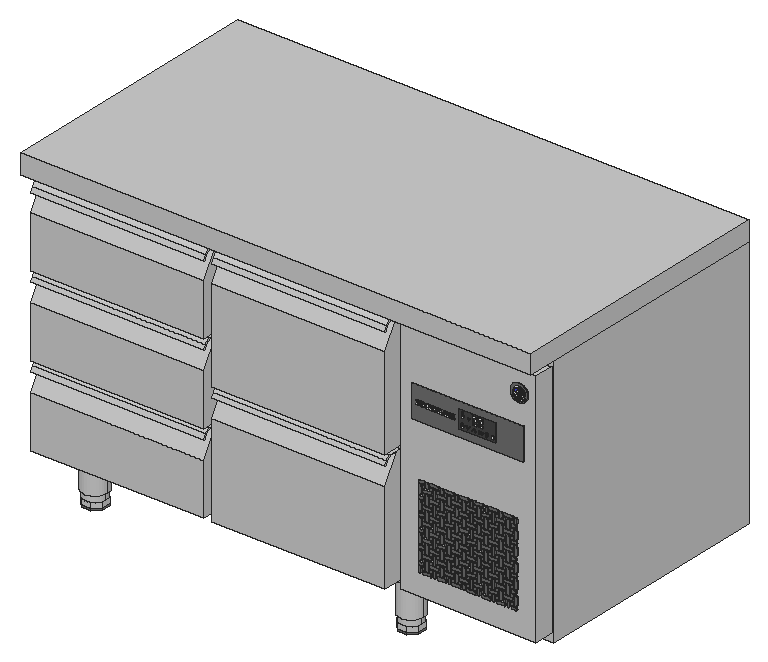
Revit family "QF_HOSHIZAKI_889000838", category Specialty Equipment, Revit 2016
Family settings
  Part Type = Normal
  Round Connector Dimension = Use Diameter
  OmniClass Number = 23.40.40.14
  OmniClass Title = Food Service Equipment
  Work Plane-Based = No
  Always vertical = Yes
  Cut with Voids When Loaded = No
  Shared = No
  Room Calculation Point = No
Parameters (values of type "889000838_230V/1Ph/50Hz")
  Weight = 95.00 kg
  Volts = 230 V
  URL Cutsheet = ""
  URL = "www.hoshizaki-europe.com"
  Status [instance] = ""
  Specification by User [instance] = ""
  Specification by Manufacturer [instance] = ""
  Serial Number = ""
  Seismic Rating = ""
  SMACNA No = ""
  Revision Code [instance] = ""
  Phase = 1
  Number of Poles = 2
  NAFEM Spec ID Number = ""
  Model = "ACR-130DG-32-CRC-L2"
  Min Ckt Ampacity = 0 A
  Max Overcurrent Protection = 0 A
  Masterspec = ""
  Manufacturer = "HOSHIZAKI"
  Length Actual = 1314 mm
  Item Number [instance] = ""
  Installed By [instance] = ""
  Identify Quantity as Lot [instance] = no
  Height Actual = 900 mm
  HP power = ""
  Furnished By [instance] = ""
  Foodservice Equipment Identifier [instance] = yes
  FL Amps = 1.1 A
  Electric power = 160 W
  Electric Connection Type [instance] = ""
  Elec Conn RI Height [instance] = 0 mm
  Elec Conn Connection Height [instance] = 200 mm
  Description = "ADVANCE 2-SECTION 1/1 GN REFRIGERATED COUNTER WITH 1 DRAWER SECTION WITH 3 X 1/3 DRAWERS, 1 DRAWER SECTION WITH 2 X 1/2 DRAWERS AND A FLAT WORKTOP"
  Depth Actual = 700 mm
  Cycle = 50 Hz
  Cost = 0
  Conn Plug = ""
  Conn Conduit = no
  CSI MasterFormat = ""
  Assembly Code = "E1090320"
  Apparent Power = 160 VA
  Accessory = no
Reference planes
  plane 1 "Center (Front/Back)": y = 0
  plane 2: z = 0
  plane 3 "Center (Left/Right)": x = 0
Forms (mm)
  Extrusion 1, solid, not visible
    sketch origin (1199, -17, 349) x (1, 0, 0) y (0, 1, 0)
      loop
        line (0, 0) -> (2, 0) -> (2, 2) -> (0, 2) -> (0, 0)
    from 0 to 2
Dimensions and locks
  aligned and locked: level to plane 2
Nested families
  nested 1: "QF_HOSHIZAKI_889000838_230V_1Ph_50Hz" at (0, 0, 150), type "889000838_230V/1Ph/50Hz"
    with Show Logo yes, Length Actual 1314 mm, Height Actual 650 mm, Depth Actual 700 mm, Compressor offset 958 mm, Compressor location 1
  nested 2: "QF_HOSHIZAKI_ADVANCE_REF-COUNTER-WORKTOPS" at (0, 0, 800), type "760660093"
    with Worktop thickness 50 mm, Length Actual 1314 mm, Depth Actual 700 mm, Backsplash thickness 20 mm, Backsplash height 100 mm
  nested 3: "QF_HOSHIZAKI_ADVANCE_REF-COUNTER-DOORS-DRAWERS" at (22, -700, 150), type "760660484-1"
    with Weight 0.00 kg, URL Cutsheet "", Status "", Specification by User "", Specification by Manufacturer "", Serial Number "", Seismic Rating "", Section size 446 mm, Section 5, SMACNA No "", Right hand hinged glass door no, Right hand hinged door no, Revision Code "", NAFEM Spec ID Number "", Masterspec "", Length Actual 0 mm, Left hand hinged glass door no, Left hand hinged door no, Item Number "", Installed By "", Identify Quantity as Lot no, Height Actual 0 mm, Furnished By "", Foodservice Equipment Identifier no, Depth Actual 0 mm, CSI MasterFormat "", Accessory yes, 3 Drawers yes, 2 Drawers 1-3 and 2-3 no, 2 Drawers no
  nested 4: "QF_HOSHIZAKI_ADVANCE_REF-COUNTER-DOORS-DRAWERS" at (488, -700, 150), type "760660483-1"
    with Weight 0.00 kg, URL Cutsheet "", Status "", Specification by User "", Specification by Manufacturer "", Serial Number "", Seismic Rating "", Section size 446 mm, Section 3, SMACNA No "", Right hand hinged glass door no, Right hand hinged door no, Revision Code "", NAFEM Spec ID Number "", Masterspec "", Length Actual 0 mm, Left hand hinged glass door no, Left hand hinged door no, Item Number "", Installed By "", Identify Quantity as Lot no, Height Actual 0 mm, Furnished By "", Foodservice Equipment Identifier no, Depth Actual 0 mm, CSI MasterFormat "", Accessory yes, 3 Drawers no, 2 Drawers 1-3 and 2-3 no, 2 Drawers yes
  nested 5: "QF_HOSHIZAKI_ADVANCE_REF-COUNTER-LEGS" at (0, 0, 0), type "760660118-5"
    with Weight 0.00 kg, URL Cutsheet "", Status "", Specification by User "", Specification by Manufacturer "", Serial Number "", Seismic Rating "", SMACNA No "", Revision Code "", NAFEM Spec ID Number "", Masterspec "", Length Actual 1314 mm, Legs inset right 430 mm, Legs inset rear 70 mm, Legs inset left 70 mm, Legs inset front 153 mm, Item Number "", Installed By "", Identify Quantity as Lot no, Height Actual 150 mm, Furnished By "", Foodservice Equipment Identifier no, Depth Actual 700 mm, Central Legs no, CSI MasterFormat "", Accessory yes
Connectors
  electrical at (1200, -15, 350), driven by "Apparent Power", driven by "Number of Poles", driven by "Volts"
    settings: on Extrusion 1, index 1, voltage 230 V, apparent load 0 VA, apparent load phase1 160 VA, apparent load phase2 0 VA, apparent load phase3 0 VA, power factor 1, load classification "Other", number of poles 2, system type 31, power factor state 1, is connector primary yes, connector utility no, sub classification motor no, connector description "Electric connection for '889000838'"
Definition of nested family "QF_HOSHIZAKI_889000838_230V_1Ph_50Hz"
  Parameters (values of type "889000838_230V/1Ph/50Hz")
    URL = "www.hoshizaki-europe.com"
    Show Logo [instance] = yes
    Model = "ACR-130DG-32-CRC-L2"
    Manufacturer = "HOSHIZAKI"
    Length Actual [instance] = 1314 mm
    Height Actual [instance] = 650 mm
    Description = "ADVANCE 2-SECTION 1/1 GN REFRIGERATED COUNTER WITH 1 DRAWER SECTION WITH 3 X 1/3 DRAWERS, 1 DRAWER SECTION WITH 2 X 1/2 DRAWERS AND A FLAT WORKTOP"
    Depth Actual [instance] = 700 mm
    Compressor offset [instance] = if(Compressor location = 1, Length Actual - 356 mm, if(Compressor location = 2, 7 mm, Length Actual - 356 mm))  # 958 mm
    Compressor location [instance] = 1
    Author = "SPECIFI"
    Assembly Code = "E1090320"
  Types (60, lengths in mm): name | Model | Length Actual | Description | Compressor offset
    889000840 | "ACR-130DG-LR-RRC-L1" | 1314 | "ADVANCE 2-SECTION 1/1 GN REFRIGERATED COUNTER WITH 2 DOORS AND A FLAT WORKTOP" | 958
    889000848 | "ACR-130DG-22-RRC-L1" | 1314 | "ADVANCE 2-SECTION 1/1 GN REFRIGERATED COUNTER WITH 2 DRAWER SECTIONS EACH WITH 2 X 1/2 DRAWERS AND A FLAT WORKTOP" | 958
    889000856 | "ACR-130DG-32-RRC-L1" | 1314 | "ADVANCE 2-SECTION 1/1 GN REFRIGERATED COUNTER WITH 1 DRAWER SECTION WITH 3 X 1/3 DRAWERS, 1 DRAWER SECTION WITH 2 X 1/2 DRAWERS AND A FLAT WORKTOP" | 958
    889000844 | "ACR-130DG-LR-RRS-L1" | 1314 | "ADVANCE 2-SECTION 1/1 GN REFRIGERATED COUNTER WITH 2 DOORS AND A WORKTOP WITH 100 MM SPLASHBACK" | 958
    889000852 | "ACR-130DG-22-RRS-L1" | 1314 | "ADVANCE 2-SECTION 1/1 GN REFRIGERATED COUNTER WITH 2 DRAWER SECTIONS EACH WITH 2 X 1/2 DRAWERS AND A WORKTOP WITH 100 MM SPLASHBACK" | 958
    889000861 | "ACR-130DG-LR-RRC-C1-U" | 1314 | "ADVANCE 2-SECTION 1/1 GN REFRIGERATED COUNTER WITH 2 DOORS AND A FLAT WORKTOP" | 958
    889000869 | "ACR-130DG-22-RRC-C1-U" | 1314 | "ADVANCE 2-SECTION 1/1 GN REFRIGERATED COUNTER WITH 2 DRAWER SECTIONS EACH WITH 2 X 1/2 DRAWERS AND A FLAT WORKTOP" | 958
    889000877 | "ACR-130DG-32-RRC-C1-U" | 1314 | "ADVANCE 2-SECTION 1/1 GN REFRIGERATED COUNTER WITH 1 DRAWER SECTION WITH 3 X 1/3 DRAWERS, 1 DRAWER SECTION WITH 2 X 1/2 DRAWERS AND A FLAT WORKTOP" | 958
    889000865 | "ACR-130DG-LR-RRS-C1-U" | 1314 | "ADVANCE 2-SECTION 1/1 GN REFRIGERATED COUNTER WITH 2 DOORS AND A WORKTOP WITH 100 MM SPLASHBACK" | 958
    889000873 | "ACR-130DG-22-RRS-C1-U" | 1314 | "ADVANCE 2-SECTION 1/1 GN REFRIGERATED COUNTER WITH 2 DRAWER SECTIONS EACH WITH 2 X 1/2 DRAWERS AND A WORKTOP WITH 100 MM SPLASHBACK" | 958
    889000842 | "ACR-130DG-LR-RRC-L2" | 1314 | "ADVANCE 2-SECTION 1/1 GN REFRIGERATED COUNTER WITH 2 DOORS AND A FLAT WORKTOP" | 958
    889000850 | "ACR-130DG-22-RRC-L2" | 1314 | "ADVANCE 2-SECTION 1/1 GN REFRIGERATED COUNTER WITH 2 DRAWER SECTIONS EACH WITH 2 X 1/2 DRAWERS AND A FLAT WORKTOP" | 958
    889000858 | "ACR-130DG-32-RRC-L2" | 1314 | "ADVANCE 2-SECTION 1/1 GN REFRIGERATED COUNTER WITH 1 DRAWER SECTION WITH 3 X 1/3 DRAWERS, 1 DRAWER SECTION WITH 2 X 1/2 DRAWERS AND A FLAT WORKTOP" | 958
    889000846 | "ACR-130DG-LR-RRS-L2" | 1314 | "ADVANCE 2-SECTION 1/1 GN REFRIGERATED COUNTER WITH 2 DOORS AND A WORKTOP WITH 100 MM SPLASHBACK" | 958
    889000854 | "ACR-130DG-22-RRS-L2" | 1314 | "ADVANCE 2-SECTION 1/1 GN REFRIGERATED COUNTER WITH 2 DRAWER SECTIONS EACH WITH 2 X 1/2 DRAWERS AND A WORKTOP WITH 100 MM SPLASHBACK" | 958
    889000822 | "ACR-130DG-LR-CRC-L2" | 1314 | "ADVANCE 2-SECTION 1/1 GN REFRIGERATED COUNTER WITH 2 DOORS AND A FLAT WORKTOP" | 958
    889000830 | "ACR-130DG-22-CRC-L2" | 1314 | "ADVANCE 2-SECTION 1/1 GN REFRIGERATED COUNTER WITH 2 DRAWER SECTIONS EACH WITH 2 X 1/2 DRAWERS AND A FLAT WORKTOP" | 958
    889000838_230V/1Ph/50Hz | "ACR-130DG-32-CRC-L2" | 1314 | "ADVANCE 2-SECTION 1/1 GN REFRIGERATED COUNTER WITH 1 DRAWER SECTION WITH 3 X 1/3 DRAWERS, 1 DRAWER SECTION WITH 2 X 1/2 DRAWERS AND A FLAT WORKTOP" | 958
    889000826 | "ACR-130DG-LR-CRS-L2" | 1314 | "ADVANCE 2-SECTION 1/1 GN REFRIGERATED COUNTER WITH 2 DOORS AND A WORKTOP WITH 100 MM SPLASHBACK" | 958
    889000834 | "ACR-130DG-22-CRS-L2" | 1314 | "ADVANCE 2-SECTION 1/1 GN REFRIGERATED COUNTER WITH 2 DRAWER SECTIONS EACH WITH 2 X 1/2 DRAWERS AND A WORKTOP WITH 100 MM SPLASHBACK" | 958
    889020840 | "ACR-180DG-LRR-RRC-L1" | 1780 | "ADVANCE 3-SECTION 1/1 GN REFRIGERATED COUNTER WITH 3 DOORS AND A FLAT WORKTOP" | 1424
    889020848 | "ACR-180DG-222-RRC-L1" | 1780 | "ADVANCE 3-SECTION 1/1 GN REFRIGERATED COUNTER WITH 3 DRAWER SECTIONS EACH WITH 2 X 1/2 DRAWERS AND A FLAT WORKTOP" | 1424
    889020856 | "ACR-180DG-332-RRC-L1" | 1780 | "ADVANCE 3-SECTION 1/1 GN REFRIGERATED COUNTER WITH 2 DRAWER SECTIONS EACH WITH 3 X 1/3 DRAWERS, 1 DRAWER SECTION WITH 2 X 1/2 DRAWERS AND A FLAT WORKTOP" | 1424
    889020844 | "ACR-180DG-LRR-RRS-L1" | 1780 | "ADVANCE 3-SECTION 1/1 GN REFRIGERATED COUNTER WITH 3 DOORS AND A WORKTOP WITH 100 MM SPLASHBACK" | 1424
    889020852 | "ACR-180DG-222-RRS-L1" | 1780 | "ADVANCE 3-SECTION 1/1 GN REFRIGERATED COUNTER WITH 3 DRAWER SECTIONS EACH WITH 2 X 1/2 DRAWERS AND A WORKTOP WITH 100 MM SPLASHBACK" | 1424
    889020861 | "ACR-180DG-LRR-RRC-C1-U" | 1780 | "ADVANCE 3-SECTION 1/1 GN REFRIGERATED COUNTER WITH 3 DOORS AND A FLAT WORKTOP" | 1424
    889020869 | "ACR-180DG-222-RRC-C1-U" | 1780 | "ADVANCE 3-SECTION 1/1 GN REFRIGERATED COUNTER WITH 3 DRAWER SECTIONS EACH WITH 2 X 1/2 DRAWERS AND A FLAT WORKTOP" | 1424
    889020877 | "ACR-180DG-332-RRC-C1-U" | 1780 | "ADVANCE 3-SECTION 1/1 GN REFRIGERATED COUNTER WITH 2 DRAWER SECTIONS EACH WITH 3 X 1/3 DRAWERS, 1 DRAWER SECTION WITH 2 X 1/2 DRAWERS AND A FLAT WORKTOP" | 1424
    889020865 | "ACR-180DG-LRR-RRS-C1-U" | 1780 | "ADVANCE 3-SECTION 1/1 GN REFRIGERATED COUNTER WITH 3 DOORS AND A WORKTOP WITH 100 MM SPLASHBACK" | 1424
    889020873 | "ACR-180DG-222-RRS-C1-U" | 1780 | "ADVANCE 3-SECTION 1/1 GN REFRIGERATED COUNTER WITH 3 DRAWER SECTIONS EACH WITH 2 X 1/2 DRAWERS AND A WORKTOP WITH 100 MM SPLASHBACK" | 1424
    889020842 | "ACR-180DG-LRR-RRC-L2" | 1780 | "ADVANCE 3-SECTION 1/1 GN REFRIGERATED COUNTER WITH 3 DOORS AND A FLAT WORKTOP" | 1424
    889020850 | "ACR-180DG-222-RRC-L2" | 1780 | "ADVANCE 3-SECTION 1/1 GN REFRIGERATED COUNTER WITH 3 DRAWER SECTIONS EACH WITH 2 X 1/2 DRAWERS AND A FLAT WORKTOP" | 1424
    889020858 | "ACR-180DG-332-RRC-L2" | 1780 | "ADVANCE 3-SECTION 1/1 GN REFRIGERATED COUNTER WITH 2 DRAWER SECTIONS EACH WITH 3 X 1/3 DRAWERS, 1 DRAWER SECTION WITH 2 X 1/2 DRAWERS AND A FLAT WORKTOP" | 1424
    889020846 | "ACR-180DG-LRR-RRS-L2" | 1780 | "ADVANCE 3-SECTION 1/1 GN REFRIGERATED COUNTER WITH 3 DOORS AND A WORKTOP WITH 100 MM SPLASHBACK" | 1424
    889020854 | "ACR-180DG-222-RRS-L2" | 1780 | "ADVANCE 3-SECTION 1/1 GN REFRIGERATED COUNTER WITH 3 DRAWER SECTIONS EACH WITH 2 X 1/2 DRAWERS AND A WORKTOP WITH 100 MM SPLASHBACK" | 1424
    889020823 | "ACR-180DG-LRR-CRC-L2" | 1780 | "ADVANCE 3-SECTION 1/1 GN REFRIGERATED COUNTER WITH 3 DOORS AND A FLAT WORKTOP" | 1424
    889020830 | "ACR-180DG-222-CRC-L2" | 1780 | "ADVANCE 3-SECTION 1/1 GN REFRIGERATED COUNTER WITH 3 DRAWER SECTIONS EACH WITH 2 X 1/2 DRAWERS AND A FLAT WORKTOP" | 1424
    889020838 | "ACR-180DG-332-CRC-L2" | 1780 | "ADVANCE 3-SECTION 1/1 GN REFRIGERATED COUNTER WITH 2 DRAWER SECTIONS EACH WITH 3 X 1/3 DRAWERS, 1 DRAWER SECTION WITH 2 X 1/2 DRAWERS AND A FLAT WORKTOP" | 1424
    889020827 | "ACR-180DG-LRR-CRS-L2" | 1780 | "ADVANCE 3-SECTION 1/1 GN REFRIGERATED COUNTER WITH 3 DOORS AND A WORKTOP WITH 100 MM SPLASHBACK" | 1424
    889020834 | "ACR-180DG-222-CRS-L2" | 1780 | "ADVANCE 3-SECTION 1/1 GN REFRIGERATED COUNTER WITH 3 DRAWER SECTIONS EACH WITH 2 X 1/2 DRAWERS AND A WORKTOP WITH 100 MM SPLASHBACK" | 1424
    889040840 | "ACR-225DG-LLRR-RRC-L1" | 2246 | "ADVANCE 4-SECTION 1/1 GN REFRIGERATED COUNTER WITH 4 DOORS AND A FLAT WORKTOP" | 1890
    889040848 | "ACR-225DG-2222-RRC-L1" | 2246 | "ADVANCE 4-SECTION 1/1 GN REFRIGERATED COUNTER WITH 4 DRAWER SECTIONS EACH WITH 2 X 1/2 DRAWERS AND A FLAT WORKTOP" | 1890
    889040856 | "ACR-225DG-3332-RRC-L1" | 2246 | "ADVANCE 4-SECTION 1/1 GN REFRIGERATED COUNTER WITH 3 DRAWER SECTIONS EACH WITH 3 X 1/3 DRAWERS, 1 DRAWER SECTION WITH 2 X 1/2 DRAWERS AND A FLAT WORKTOP" | 1890
    889040844 | "ACR-225DG-LLRR-RRS-L1" | 2246 | "ADVANCE 4-SECTION 1/1 GN REFRIGERATED COUNTER WITH 4 DOORS AND A WORKTOP WITH 100 MM SPLASHBACK" | 1890
    889040852 | "ACR-225DG-2222-RRS-L1" | 2246 | "ADVANCE 4-SECTION 1/1 GN REFRIGERATED COUNTER WITH 4 DRAWER SECTIONS EACH WITH 2 X 1/2 DRAWERS AND A WORKTOP WITH 100 MM SPLASHBACK" | 1890
    889040861 | "ACR-225DG-LLRR-RRC-C1-U" | 2246 | "ADVANCE 4-SECTION 1/1 GN REFRIGERATED COUNTER WITH 4 DOORS AND A FLAT WORKTOP" | 1890
    889040869 | "ACR-225DG-2222-RRC-C1-U" | 2246 | "ADVANCE 4-SECTION 1/1 GN REFRIGERATED COUNTER WITH 4 DRAWER SECTIONS EACH WITH 2 X 1/2 DRAWERS AND A FLAT WORKTOP" | 1890
    889040877 | "ACR-225DG-3332-RRC-C1-U" | 2246 | "ADVANCE 4-SECTION 1/1 GN REFRIGERATED COUNTER WITH 3 DRAWER SECTIONS EACH WITH 3 X 1/3 DRAWERS, 1 DRAWER SECTION WITH 2 X 1/2 DRAWERS AND A FLAT WORKTOP" | 1890
    889040865 | "ACR-225DG-LLRR-RRS-C1-U" | 2246 | "ADVANCE 4-SECTION 1/1 GN REFRIGERATED COUNTER WITH 4 DOORS AND A WORKTOP WITH 100 MM SPLASHBACK" | 1890
    889040873 | "ACR-225DG-2222-RRS-C1-U" | 2246 | "ADVANCE 4-SECTION 1/1 GN REFRIGERATED COUNTER WITH 4 DRAWER SECTIONS EACH WITH 2 X 1/2 DRAWERS AND A WORKTOP WITH 100 MM SPLASHBACK" | 1890
    889040842 | "ACR-225DG-LLRR-RRC-L2" | 2246 | "ADVANCE 4-SECTION 1/1 GN REFRIGERATED COUNTER WITH 4 DOORS AND A FLAT WORKTOP" | 1890
    889040850 | "ACR-225DG-2222-RRC-L2" | 2246 | "ADVANCE 4-SECTION 1/1 GN REFRIGERATED COUNTER WITH 4 DRAWER SECTIONS EACH WITH 2 X 1/2 DRAWERS AND A FLAT WORKTOP" | 1890
    889040858 | "ACR-225DG-3332-RRC-L2" | 2246 | "ADVANCE 4-SECTION 1/1 GN REFRIGERATED COUNTER WITH 3 DRAWER SECTIONS EACH WITH 3 X 1/3 DRAWERS, 1 DRAWER SECTION WITH 2 X 1/2 DRAWERS AND A FLAT WORKTOP" | 1890
    889040846 | "ACR-225DG-LLRR-RRS-L2" | 2246 | "ADVANCE 4-SECTION 1/1 GN REFRIGERATED COUNTER WITH 4 DOORS AND A WORKTOP WITH 100 MM SPLASHBACK" | 1890
    889040854 | "ACR-225DG-2222-RRS-L2" | 2246 | "ADVANCE 4-SECTION 1/1 GN REFRIGERATED COUNTER WITH 4 DRAWER SECTIONS EACH WITH 2 X 1/2 DRAWERS AND A WORKTOP WITH 100 MM SPLASHBACK" | 1890
    889040822 | "ACR-225DG-LLRR-CRC-L2" | 2246 | "ADVANCE 4-SECTION 1/1 GN REFRIGERATED COUNTER WITH 4 DOORS AND A FLAT WORKTOP" | 1890
    889040830 | "ACR-225DG-2222-CRC-L2" | 2246 | "ADVANCE 4-SECTION 1/1 GN REFRIGERATED COUNTER WITH 4 DRAWER SECTIONS EACH WITH 2 X 1/2 DRAWERS AND A FLAT WORKTOP" | 1890
    889040838 | "ACR-225DG-3332-CRC-L2" | 2246 | "ADVANCE 4-SECTION 1/1 GN REFRIGERATED COUNTER WITH 3 DRAWER SECTIONS EACH WITH 3 X 1/3 DRAWERS, 1 DRAWER SECTION WITH 2 X 1/2 DRAWERS AND A FLAT WORKTOP" | 1890
    889040826 | "ACR-225DG-LLRR-CRS-L2" | 2246 | "ADVANCE 4-SECTION 1/1 GN REFRIGERATED COUNTER WITH 4 DOORS AND A WORKTOP WITH 100 MM SPLASHBACK" | 1890
    889040834 | "ACR-225DG-2222-CRS-L2" | 2246 | "ADVANCE 4-SECTION 1/1 GN REFRIGERATED COUNTER WITH 4 DRAWER SECTIONS EACH WITH 2 X 1/2 DRAWERS AND A WORKTOP WITH 100 MM SPLASHBACK" | 1890
  Reference planes
    plane 1 "Back": y = 0
    plane 2: z = 0
    plane 3 "Left": x = 0
    plane 4 "Right": x = 1314
    plane 5 "Front": y = -700
    plane 6 "Top": z = 650
    plane 7 "Front legs": y = -624.512
    plane 8 "Compressor dimension": x = 1314
    plane 9 "Compressor offset": x = 958
  Forms (mm)
    Extrusion 1, solid
      sketch origin (0, 0, 0) x (0, 1, 0) y (0, 0, 1)
        loop
          line (0, 650) -> (-624.512, 650) -> (-624.512, 0) -> (0, 0) -> (0, 650)
      from 0 to 1314
    Extrusion 2, solid
      sketch origin (958, 0, 0) x (0, -1, 0) y (0, 0, 1)
        loop
          line (624.512, 634) -> (624.512, 20) -> (674.54, 20) -> (674.54, 634) -> (624.512, 634)
      from 0 to -349
  Lines and regions (mm)
    symbolic lines
      curve 1: line (0, 0, 650) -> (1314, 0, 650)
      curve 2: line (0, -700, 650) -> (0, 0, 650)
      curve 3: line (1314, -700, 650) -> (0, -700, 650)
      curve 4: line (1314, 0, 650) -> (1314, -700, 650)
  Dimensions and locks
    "Length Actual": plane 3 "Left" to plane 4 "Right"
    "Depth Actual": plane 5 "Front" to plane 1 "Back"
    plane 7 "Front legs" to plane 5 "Front" = 75.488 mm
    "Compressor offset": plane 3 "Left" to plane 9 "Compressor offset"
    locked: plane 9 "Compressor offset" to plane 8 "Compressor dimension" at 356
    plane 6 "Top" to level = 650 mm
    aligned and locked: level to plane 2
    aligned and locked: plane 1 "Back" to Extrusion 1 sketch curve
    aligned and locked: plane 7 "Front legs" to Extrusion 1 sketch curve
    aligned and locked: Extrusion 1 to plane 4 "Right"
    aligned and locked: plane 7 "Front legs" to Extrusion 2 sketch curve
    aligned and locked: nested 1 to plane 5 "Front"
    aligned and locked: nested 1 to plane 9 "Compressor offset"
    aligned and locked: Extrusion 1 sketch curve to plane 6 "Top"
    aligned and locked: plane 2 to Extrusion 1 sketch curve
    aligned and locked: plane 1 "Back" to curve 1
    aligned and locked: plane 5 "Front" to curve 3
    aligned and locked: plane 4 "Right" to curve 4
    aligned and locked: plane 3 "Left" to curve 2
  Automatic sketch dimensions
    plane 5 "Front" to Extrusion 2 sketch curve = 25.46 mm
    level to Extrusion 2 sketch curve = 20 mm
    Extrusion 2 sketch curve to plane 6 "Top" = 16 mm
  Nested families
    nested 1: "Control-panel" at (958, -700, 0), Show Logo <- "Show Logo", type "Control-panel"
      with Show Logo yes
  Definition of nested family "Control-panel"
    Parameters (values of type "Control-panel")
      Show Logo [instance] = yes
    Reference planes
      plane 1 "Center (Front/Back)": y = 0
      plane 2: z = 0
      plane 3 "Center (Left/Right)": x = 0
      plane 4: z = 650
    Forms (mm)
      Extrusion 1, solid
        sketch origin (-3653, 19.5, -135) x (-1, 0, 0) y (0, 0, 1)
          loop
            arc (-3941, 426) -> (-3944.5, 422.5) -> (-3941, 419) r 3.5
            line (-3941, 419) -> (-3923, 419)
            arc (-3923, 419) -> (-3919.5, 422.5) -> (-3923, 426) r 3.5
            line (-3923, 426) -> (-3941, 426)
          loop
            arc (-3903, 426) -> (-3906.5, 422.5) -> (-3903, 419) r 3.5
            line (-3903, 419) -> (-3885, 419)
            arc (-3885, 419) -> (-3881.5, 422.5) -> (-3885, 426) r 3.5
            line (-3885, 426) -> (-3903, 426)
          loop
            arc (-3865, 426) -> (-3868.5, 422.5) -> (-3865, 419) r 3.5
            line (-3865, 419) -> (-3847, 419)
            arc (-3847, 419) -> (-3843.5, 422.5) -> (-3847, 426) r 3.5
            line (-3847, 426) -> (-3865, 426)
          loop
            arc (-3827, 426) -> (-3830.5, 422.5) -> (-3827, 419) r 3.5
            line (-3827, 419) -> (-3809, 419)
            arc (-3809, 419) -> (-3805.5, 422.5) -> (-3809, 426) r 3.5
            line (-3809, 426) -> (-3827, 426)
          loop
            arc (-3789, 426) -> (-3792.5, 422.5) -> (-3789, 419) r 3.5
            line (-3789, 419) -> (-3771, 419)
            arc (-3771, 419) -> (-3767.5, 422.5) -> (-3771, 426) r 3.5
            line (-3771, 426) -> (-3789, 426)
          loop
            arc (-3751, 426) -> (-3754.5, 422.5) -> (-3751, 419) r 3.5
            line (-3751, 419) -> (-3733, 419)
            arc (-3733, 419) -> (-3729.5, 422.5) -> (-3733, 426) r 3.5
            line (-3733, 426) -> (-3751, 426)
          loop
            arc (-3713, 426) -> (-3716.5, 422.5) -> (-3713, 419) r 3.5
            line (-3713, 419) -> (-3704, 419)
            arc (-3704, 419) -> (-3700.5, 422.5) -> (-3704, 426) r 3.5
            line (-3704, 426) -> (-3713, 426)
          loop
            arc (-3948, 422) -> (-3951, 425) -> (-3954, 422) r 3
            line (-3954, 422) -> (-3954, 413)
            arc (-3954, 413) -> (-3951, 410) -> (-3948, 413) r 3
            line (-3948, 413) -> (-3948, 422)
          loop
            line (-3938.025, 416.51) -> (-3945.025, 416.51) -> (-3945.025, 409.51) -> (-3938.025, 409.51) -> (-3938.025, 416.51)
          loop
            line (-3919.025, 416.51) -> (-3926.025, 416.51) -> (-3926.025, 409.51) -> (-3919.025, 409.51) -> (-3919.025, 416.51)
          loop
            arc (-3910, 422) -> (-3913, 425) -> (-3916, 422) r 3
            line (-3916, 422) -> (-3916, 413)
            arc (-3916, 413) -> (-3913, 410) -> (-3910, 413) r 3
            line (-3910, 413) -> (-3910, 422)
          loop
            line (-3900.025, 416.51) -> (-3907.025, 416.51) -> (-3907.025, 409.51) -> (-3900.025, 409.51) -> (-3900.025, 416.51)
          loop
            line (-3881.025, 416.51) -> (-3888.025, 416.51) -> (-3888.025, 409.51) -> (-3881.025, 409.51) -> (-3881.025, 416.51)
          loop
            arc (-3872, 422) -> (-3875, 425) -> (-3878, 422) r 3
            line (-3878, 422) -> (-3878, 413)
            arc (-3878, 413) -> (-3875, 410) -> (-3872, 413) r 3
            line (-3872, 413) -> (-3872, 422)
          loop
            line (-3862.025, 416.51) -> (-3869.025, 416.51) -> (-3869.025, 409.51) -> (-3862.025, 409.51) -> (-3862.025, 416.51)
          loop
            line (-3843.025, 416.51) -> (-3850.025, 416.51) -> (-3850.025, 409.51) -> (-3843.025, 409.51) -> (-3843.025, 416.51)
          loop
            arc (-3834, 422) -> (-3837, 425) -> (-3840, 422) r 3
            line (-3840, 422) -> (-3840, 413)
            arc (-3840, 413) -> (-3837, 410) -> (-3834, 413) r 3
            line (-3834, 413) -> (-3834, 422)
          loop
            line (-3824.025, 416.51) -> (-3831.025, 416.51) -> (-3831.025, 409.51) -> (-3824.025, 409.51) -> (-3824.025, 416.51)
          loop
            line (-3805.025, 416.51) -> (-3812.025, 416.51) -> (-3812.025, 409.51) -> (-3805.025, 409.51) -> (-3805.025, 416.51)
          loop
            arc (-3796, 422) -> (-3799, 425) -> (-3802, 422) r 3
            line (-3802, 422) -> (-3802, 413)
            arc (-3802, 413) -> (-3799, 410) -> (-3796, 413) r 3
            line (-3796, 413) -> (-3796, 422)
          loop
            line (-3786.025, 416.51) -> (-3793.025, 416.51) -> (-3793.025, 409.51) -> (-3786.025, 409.51) -> (-3786.025, 416.51)
          loop
            line (-3767.025, 416.51) -> (-3774.025, 416.51) -> (-3774.025, 409.51) -> (-3767.025, 409.51) -> (-3767.025, 416.51)
          loop
            arc (-3758, 422) -> (-3761, 425) -> (-3764, 422) r 3
            line (-3764, 422) -> (-3764, 413)
            arc (-3764, 413) -> (-3761, 410) -> (-3758, 413) r 3
            line (-3758, 413) -> (-3758, 422)
          loop
            line (-3748.025, 416.51) -> (-3755.025, 416.51) -> (-3755.025, 409.51) -> (-3748.025, 409.51) -> (-3748.025, 416.51)
          loop
            line (-3729.025, 416.51) -> (-3736.025, 416.51) -> (-3736.025, 409.51) -> (-3729.025, 409.51) -> (-3729.025, 416.51)
          loop
            arc (-3720, 422) -> (-3723, 425) -> (-3726, 422) r 3
            line (-3726, 422) -> (-3726, 413)
            arc (-3726, 413) -> (-3723, 410) -> (-3720, 413) r 3
            line (-3720, 413) -> (-3720, 422)
          loop
            line (-3710.025, 416.51) -> (-3717.025, 416.51) -> (-3717.025, 409.51) -> (-3710.025, 409.51) -> (-3710.025, 416.51)
          loop
            line (-3935.5, 412.5) -> (-3935.5, 394.5)
            arc (-3935.5, 394.5) -> (-3932, 391) -> (-3928.5, 394.5) r 3.5
            line (-3928.5, 394.5) -> (-3928.5, 412.5)
            arc (-3928.5, 412.5) -> (-3932, 416) -> (-3935.5, 412.5) r 3.5
          loop
            line (-3897.5, 412.5) -> (-3897.5, 394.5)
            arc (-3897.5, 394.5) -> (-3894, 391) -> (-3890.5, 394.5) r 3.5
            line (-3890.5, 394.5) -> (-3890.5, 412.5)
            arc (-3890.5, 412.5) -> (-3894, 416) -> (-3897.5, 412.5) r 3.5
          loop
            line (-3859.5, 412.5) -> (-3859.5, 394.5)
            arc (-3859.5, 394.5) -> (-3856, 391) -> (-3852.5, 394.5) r 3.5
            line (-3852.5, 394.5) -> (-3852.5, 412.5)
            arc (-3852.5, 412.5) -> (-3856, 416) -> (-3859.5, 412.5) r 3.5
          loop
            line (-3821.5, 412.5) -> (-3821.5, 394.5)
            arc (-3821.5, 394.5) -> (-3818, 391) -> (-3814.5, 394.5) r 3.5
            line (-3814.5, 394.5) -> (-3814.5, 412.5)
            arc (-3814.5, 412.5) -> (-3818, 416) -> (-3821.5, 412.5) r 3.5
          loop
            line (-3783.5, 412.5) -> (-3783.5, 394.5)
            arc (-3783.5, 394.5) -> (-3780, 391) -> (-3776.5, 394.5) r 3.5
            line (-3776.5, 394.5) -> (-3776.5, 412.5)
            arc (-3776.5, 412.5) -> (-3780, 416) -> (-3783.5, 412.5) r 3.5
          loop
            line (-3745.5, 412.5) -> (-3745.5, 394.5)
            arc (-3745.5, 394.5) -> (-3742, 391) -> (-3738.5, 394.5) r 3.5
            line (-3738.5, 394.5) -> (-3738.5, 412.5)
            arc (-3738.5, 412.5) -> (-3742, 416) -> (-3745.5, 412.5) r 3.5
          loop
            line (-3707.5, 412.5) -> (-3707.5, 394.5)
            arc (-3707.5, 394.5) -> (-3704, 391) -> (-3700.5, 394.5) r 3.5
            line (-3700.5, 394.5) -> (-3700.5, 412.5)
            arc (-3700.5, 412.5) -> (-3704, 416) -> (-3707.5, 412.5) r 3.5
          loop
            arc (-3922, 407) -> (-3925.5, 403.5) -> (-3922, 400) r 3.5
            line (-3922, 400) -> (-3904, 400)
            arc (-3904, 400) -> (-3900.5, 403.5) -> (-3904, 407) r 3.5
            line (-3904, 407) -> (-3922, 407)
          loop
            arc (-3884, 407) -> (-3887.5, 403.5) -> (-3884, 400) r 3.5
            line (-3884, 400) -> (-3866, 400)
            arc (-3866, 400) -> (-3862.5, 403.5) -> (-3866, 407) r 3.5
            line (-3866, 407) -> (-3884, 407)
          loop
            arc (-3846, 407) -> (-3849.5, 403.5) -> (-3846, 400) r 3.5
            line (-3846, 400) -> (-3828, 400)
            arc (-3828, 400) -> (-3824.5, 403.5) -> (-3828, 407) r 3.5
            line (-3828, 407) -> (-3846, 407)
          loop
            arc (-3808, 407) -> (-3811.5, 403.5) -> (-3808, 400) r 3.5
            line (-3808, 400) -> (-3790, 400)
            arc (-3790, 400) -> (-3786.5, 403.5) -> (-3790, 407) r 3.5
            line (-3790, 407) -> (-3808, 407)
          loop
            arc (-3770, 407) -> (-3773.5, 403.5) -> (-3770, 400) r 3.5
            line (-3770, 400) -> (-3752, 400)
            arc (-3752, 400) -> (-3748.5, 403.5) -> (-3752, 407) r 3.5
            line (-3752, 407) -> (-3770, 407)
          loop
            arc (-3732, 407) -> (-3735.5, 403.5) -> (-3732, 400) r 3.5
            line (-3732, 400) -> (-3714, 400)
            arc (-3714, 400) -> (-3710.5, 403.5) -> (-3714, 407) r 3.5
            line (-3714, 407) -> (-3732, 407)
          loop
            line (-3938.025, 390.49) -> (-3938.025, 397.49) -> (-3945.025, 397.49) -> (-3945.025, 390.49) -> (-3938.025, 390.49)
          loop
            line (-3919.025, 390.49) -> (-3919.025, 397.49) -> (-3926.025, 397.49) -> (-3926.025, 390.49) -> (-3919.025, 390.49)
          loop
            line (-3900.025, 390.49) -> (-3900.025, 397.49) -> (-3907.025, 397.49) -> (-3907.025, 390.49) -> (-3900.025, 390.49)
          loop
            line (-3881.025, 390.49) -> (-3881.025, 397.49) -> (-3888.025, 397.49) -> (-3888.025, 390.49) -> (-3881.025, 390.49)
          loop
            line (-3862.025, 390.49) -> (-3862.025, 397.49) -> (-3869.025, 397.49) -> (-3869.025, 390.49) -> (-3862.025, 390.49)
          loop
            line (-3843.025, 390.49) -> (-3843.025, 397.49) -> (-3850.025, 397.49) -> (-3850.025, 390.49) -> (-3843.025, 390.49)
          loop
            line (-3824.025, 390.49) -> (-3824.025, 397.49) -> (-3831.025, 397.49) -> (-3831.025, 390.49) -> (-3824.025, 390.49)
          loop
            line (-3805.025, 390.49) -> (-3805.025, 397.49) -> (-3812.025, 397.49) -> (-3812.025, 390.49) -> (-3805.025, 390.49)
          loop
            line (-3786.025, 390.49) -> (-3786.025, 397.49) -> (-3793.025, 397.49) -> (-3793.025, 390.49) -> (-3786.025, 390.49)
          loop
            line (-3767.025, 390.49) -> (-3767.025, 397.49) -> (-3774.025, 397.49) -> (-3774.025, 390.49) -> (-3767.025, 390.49)
          loop
            line (-3748.025, 390.49) -> (-3748.025, 397.49) -> (-3755.025, 397.49) -> (-3755.025, 390.49) -> (-3748.025, 390.49)
          loop
            line (-3729.025, 390.49) -> (-3729.025, 397.49) -> (-3736.025, 397.49) -> (-3736.025, 390.49) -> (-3729.025, 390.49)
          loop
            line (-3710.025, 390.49) -> (-3710.025, 397.49) -> (-3717.025, 397.49) -> (-3717.025, 390.49) -> (-3710.025, 390.49)
          loop
            arc (-3719.5, 393.5) -> (-3723, 397) -> (-3726.5, 393.5) r 3.5
            line (-3726.5, 393.5) -> (-3726.5, 375.5)
            arc (-3726.5, 375.5) -> (-3723, 372) -> (-3719.5, 375.5) r 3.5
            line (-3719.5, 375.5) -> (-3719.5, 393.5)
          loop
            arc (-3757.5, 393.5) -> (-3761, 397) -> (-3764.5, 393.5) r 3.5
            line (-3764.5, 393.5) -> (-3764.5, 375.5)
            arc (-3764.5, 375.5) -> (-3761, 372) -> (-3757.5, 375.5) r 3.5
            line (-3757.5, 375.5) -> (-3757.5, 393.5)
          loop
            arc (-3795.5, 393.5) -> (-3799, 397) -> (-3802.5, 393.5) r 3.5
            line (-3802.5, 393.5) -> (-3802.5, 375.5)
            arc (-3802.5, 375.5) -> (-3799, 372) -> (-3795.5, 375.5) r 3.5
            line (-3795.5, 375.5) -> (-3795.5, 393.5)
          loop
            arc (-3833.5, 393.5) -> (-3837, 397) -> (-3840.5, 393.5) r 3.5
            line (-3840.5, 393.5) -> (-3840.5, 375.5)
            arc (-3840.5, 375.5) -> (-3837, 372) -> (-3833.5, 375.5) r 3.5
            line (-3833.5, 375.5) -> (-3833.5, 393.5)
          loop
            arc (-3871.5, 393.5) -> (-3875, 397) -> (-3878.5, 393.5) r 3.5
            line (-3878.5, 393.5) -> (-3878.5, 375.5)
            arc (-3878.5, 375.5) -> (-3875, 372) -> (-3871.5, 375.5) r 3.5
            line (-3871.5, 375.5) -> (-3871.5, 393.5)
          loop
            arc (-3909.5, 393.5) -> (-3913, 397) -> (-3916.5, 393.5) r 3.5
            line (-3916.5, 393.5) -> (-3916.5, 375.5)
            arc (-3916.5, 375.5) -> (-3913, 372) -> (-3909.5, 375.5) r 3.5
            line (-3909.5, 375.5) -> (-3909.5, 393.5)
          loop
            arc (-3951, 406.5) -> (-3954, 403.5) -> (-3951, 400.5) r 3
            line (-3951, 400.5) -> (-3942, 400.5)
            arc (-3942, 400.5) -> (-3939, 403.5) -> (-3942, 406.5) r 3
            line (-3942, 406.5) -> (-3951, 406.5)
          loop
            arc (-3947.5, 393.5) -> (-3951, 397) -> (-3954.5, 393.5) r 3.5
            line (-3954.5, 393.5) -> (-3954.5, 375.5)
            arc (-3954.5, 375.5) -> (-3951, 372) -> (-3947.5, 375.5) r 3.5
            line (-3947.5, 375.5) -> (-3947.5, 393.5)
          loop
            arc (-3941, 388.51) -> (-3944.5, 385.01) -> (-3941, 381.51) r 3.5
            line (-3941, 381.51) -> (-3923, 381.51)
            arc (-3923, 381.51) -> (-3919.5, 385.01) -> (-3923, 388.51) r 3.5
            line (-3923, 388.51) -> (-3941, 388.51)
          loop
            arc (-3903, 388.51) -> (-3906.5, 385.01) -> (-3903, 381.51) r 3.5
            line (-3903, 381.51) -> (-3885, 381.51)
            arc (-3885, 381.51) -> (-3881.5, 385.01) -> (-3885, 388.51) r 3.5
            line (-3885, 388.51) -> (-3903, 388.51)
          loop
            arc (-3865, 388.51) -> (-3868.5, 385.01) -> (-3865, 381.51) r 3.5
            line (-3865, 381.51) -> (-3847, 381.51)
            arc (-3847, 381.51) -> (-3843.5, 385.01) -> (-3847, 388.51) r 3.5
            line (-3847, 388.51) -> (-3865, 388.51)
          loop
            arc (-3827, 388.51) -> (-3830.5, 385.01) -> (-3827, 381.51) r 3.5
            line (-3827, 381.51) -> (-3809, 381.51)
            arc (-3809, 381.51) -> (-3805.5, 385.01) -> (-3809, 388.51) r 3.5
            line (-3809, 388.51) -> (-3827, 388.51)
          loop
            arc (-3789, 388.51) -> (-3792.5, 385.01) -> (-3789, 381.51) r 3.5
            line (-3789, 381.51) -> (-3771, 381.51)
            arc (-3771, 381.51) -> (-3767.5, 385.01) -> (-3771, 388.51) r 3.5
            line (-3771, 388.51) -> (-3789, 388.51)
          loop
            arc (-3751, 388.51) -> (-3754.5, 385.01) -> (-3751, 381.51) r 3.5
            line (-3751, 381.51) -> (-3733, 381.51)
            arc (-3733, 381.51) -> (-3729.5, 385.01) -> (-3733, 388.51) r 3.5
            line (-3733, 388.51) -> (-3751, 388.51)
          loop
            arc (-3713, 388.51) -> (-3716.5, 385.01) -> (-3713, 381.51) r 3.5
            line (-3713, 381.51) -> (-3704, 381.51)
            arc (-3704, 381.51) -> (-3700.5, 385.01) -> (-3704, 388.51) r 3.5
            line (-3704, 388.51) -> (-3713, 388.51)
          loop
            line (-3938.025, 379.02) -> (-3945.025, 379.02) -> (-3945.025, 372.02) -> (-3938.025, 372.02) -> (-3938.025, 379.02)
          loop
            line (-3919.025, 379.02) -> (-3926.025, 379.02) -> (-3926.025, 372.02) -> (-3919.025, 372.02) -> (-3919.025, 379.02)
          loop
            line (-3900.025, 379.02) -> (-3907.025, 379.02) -> (-3907.025, 372.02) -> (-3900.025, 372.02) -> (-3900.025, 379.02)
          loop
            line (-3881.025, 379.02) -> (-3888.025, 379.02) -> (-3888.025, 372.02) -> (-3881.025, 372.02) -> (-3881.025, 379.02)
          loop
            line (-3862.025, 379.02) -> (-3869.025, 379.02) -> (-3869.025, 372.02) -> (-3862.025, 372.02) -> (-3862.025, 379.02)
          loop
            line (-3843.025, 379.02) -> (-3850.025, 379.02) -> (-3850.025, 372.02) -> (-3843.025, 372.02) -> (-3843.025, 379.02)
          loop
            line (-3824.025, 379.02) -> (-3831.025, 379.02) -> (-3831.025, 372.02) -> (-3824.025, 372.02) -> (-3824.025, 379.02)
          loop
            line (-3805.025, 379.02) -> (-3812.025, 379.02) -> (-3812.025, 372.02) -> (-3805.025, 372.02) -> (-3805.025, 379.02)
          loop
            line (-3786.025, 379.02) -> (-3793.025, 379.02) -> (-3793.025, 372.02) -> (-3786.025, 372.02) -> (-3786.025, 379.02)
          loop
            line (-3767.025, 379.02) -> (-3774.025, 379.02) -> (-3774.025, 372.02) -> (-3767.025, 372.02) -> (-3767.025, 379.02)
          loop
            line (-3748.025, 379.02) -> (-3755.025, 379.02) -> (-3755.025, 372.02) -> (-3748.025, 372.02) -> (-3748.025, 379.02)
          loop
            line (-3729.025, 379.02) -> (-3736.025, 379.02) -> (-3736.025, 372.02) -> (-3729.025, 372.02) -> (-3729.025, 379.02)
          loop
            line (-3710.025, 379.02) -> (-3717.025, 379.02) -> (-3717.025, 372.02) -> (-3710.025, 372.02) -> (-3710.025, 379.02)
          loop
            line (-3935.5, 375.01) -> (-3935.5, 357.01)
            arc (-3935.5, 357.01) -> (-3932, 353.51) -> (-3928.5, 357.01) r 3.5
            line (-3928.5, 357.01) -> (-3928.5, 375.01)
            arc (-3928.5, 375.01) -> (-3932, 378.51) -> (-3935.5, 375.01) r 3.5
          loop
            line (-3897.5, 375.01) -> (-3897.5, 357.01)
            arc (-3897.5, 357.01) -> (-3894, 353.51) -> (-3890.5, 357.01) r 3.5
            line (-3890.5, 357.01) -> (-3890.5, 375.01)
            arc (-3890.5, 375.01) -> (-3894, 378.51) -> (-3897.5, 375.01) r 3.5
          loop
            line (-3859.5, 375.01) -> (-3859.5, 357.01)
            arc (-3859.5, 357.01) -> (-3856, 353.51) -> (-3852.5, 357.01) r 3.5
            line (-3852.5, 357.01) -> (-3852.5, 375.01)
            arc (-3852.5, 375.01) -> (-3856, 378.51) -> (-3859.5, 375.01) r 3.5
          loop
            line (-3821.5, 375.01) -> (-3821.5, 357.01)
            arc (-3821.5, 357.01) -> (-3818, 353.51) -> (-3814.5, 357.01) r 3.5
            line (-3814.5, 357.01) -> (-3814.5, 375.01)
            arc (-3814.5, 375.01) -> (-3818, 378.51) -> (-3821.5, 375.01) r 3.5
          loop
            line (-3783.5, 375.01) -> (-3783.5, 357.01)
            arc (-3783.5, 357.01) -> (-3780, 353.51) -> (-3776.5, 357.01) r 3.5
            line (-3776.5, 357.01) -> (-3776.5, 375.01)
            arc (-3776.5, 375.01) -> (-3780, 378.51) -> (-3783.5, 375.01) r 3.5
          loop
            line (-3745.5, 375.01) -> (-3745.5, 357.01)
            arc (-3745.5, 357.01) -> (-3742, 353.51) -> (-3738.5, 357.01) r 3.5
            line (-3738.5, 357.01) -> (-3738.5, 375.01)
            arc (-3738.5, 375.01) -> (-3742, 378.51) -> (-3745.5, 375.01) r 3.5
          loop
            line (-3707.5, 375.01) -> (-3707.5, 357.01)
            arc (-3707.5, 357.01) -> (-3704, 353.51) -> (-3700.5, 357.01) r 3.5
            line (-3700.5, 357.01) -> (-3700.5, 375.01)
            arc (-3700.5, 375.01) -> (-3704, 378.51) -> (-3707.5, 375.01) r 3.5
          loop
            arc (-3922, 369.51) -> (-3925.5, 366.01) -> (-3922, 362.51) r 3.5
            line (-3922, 362.51) -> (-3904, 362.51)
            arc (-3904, 362.51) -> (-3900.5, 366.01) -> (-3904, 369.51) r 3.5
            line (-3904, 369.51) -> (-3922, 369.51)
          loop
            arc (-3884, 369.51) -> (-3887.5, 366.01) -> (-3884, 362.51) r 3.5
            line (-3884, 362.51) -> (-3866, 362.51)
            arc (-3866, 362.51) -> (-3862.5, 366.01) -> (-3866, 369.51) r 3.5
            line (-3866, 369.51) -> (-3884, 369.51)
          loop
            arc (-3846, 369.51) -> (-3849.5, 366.01) -> (-3846, 362.51) r 3.5
            line (-3846, 362.51) -> (-3828, 362.51)
            arc (-3828, 362.51) -> (-3824.5, 366.01) -> (-3828, 369.51) r 3.5
            line (-3828, 369.51) -> (-3846, 369.51)
          loop
            arc (-3808, 369.51) -> (-3811.5, 366.01) -> (-3808, 362.51) r 3.5
            line (-3808, 362.51) -> (-3790, 362.51)
            arc (-3790, 362.51) -> (-3786.5, 366.01) -> (-3790, 369.51) r 3.5
            line (-3790, 369.51) -> (-3808, 369.51)
          loop
            arc (-3770, 369.51) -> (-3773.5, 366.01) -> (-3770, 362.51) r 3.5
            line (-3770, 362.51) -> (-3752, 362.51)
            arc (-3752, 362.51) -> (-3748.5, 366.01) -> (-3752, 369.51) r 3.5
            line (-3752, 369.51) -> (-3770, 369.51)
          loop
            arc (-3732, 369.51) -> (-3735.5, 366.01) -> (-3732, 362.51) r 3.5
            line (-3732, 362.51) -> (-3714, 362.51)
            arc (-3714, 362.51) -> (-3710.5, 366.01) -> (-3714, 369.51) r 3.5
            line (-3714, 369.51) -> (-3732, 369.51)
          loop
            line (-3938.025, 353) -> (-3938.025, 360) -> (-3945.025, 360) -> (-3945.025, 353) -> (-3938.025, 353)
          loop
            line (-3919.025, 353) -> (-3919.025, 360) -> (-3926.025, 360) -> (-3926.025, 353) -> (-3919.025, 353)
          loop
            line (-3900.025, 353) -> (-3900.025, 360) -> (-3907.025, 360) -> (-3907.025, 353) -> (-3900.025, 353)
          loop
            line (-3881.025, 353) -> (-3881.025, 360) -> (-3888.025, 360) -> (-3888.025, 353) -> (-3881.025, 353)
          loop
            line (-3862.025, 353) -> (-3862.025, 360) -> (-3869.025, 360) -> (-3869.025, 353) -> (-3862.025, 353)
          loop
            line (-3843.025, 353) -> (-3843.025, 360) -> (-3850.025, 360) -> (-3850.025, 353) -> (-3843.025, 353)
          loop
            line (-3824.025, 353) -> (-3824.025, 360) -> (-3831.025, 360) -> (-3831.025, 353) -> (-3824.025, 353)
          loop
            line (-3805.025, 353) -> (-3805.025, 360) -> (-3812.025, 360) -> (-3812.025, 353) -> (-3805.025, 353)
          loop
            line (-3786.025, 353) -> (-3786.025, 360) -> (-3793.025, 360) -> (-3793.025, 353) -> (-3786.025, 353)
          loop
            line (-3767.025, 353) -> (-3767.025, 360) -> (-3774.025, 360) -> (-3774.025, 353) -> (-3767.025, 353)
          loop
            line (-3748.025, 353) -> (-3748.025, 360) -> (-3755.025, 360) -> (-3755.025, 353) -> (-3748.025, 353)
          loop
            line (-3729.025, 353) -> (-3729.025, 360) -> (-3736.025, 360) -> (-3736.025, 353) -> (-3729.025, 353)
          loop
            line (-3710.025, 353) -> (-3710.025, 360) -> (-3717.025, 360) -> (-3717.025, 353) -> (-3710.025, 353)
          loop
            arc (-3719.5, 356.01) -> (-3723, 359.51) -> (-3726.5, 356.01) r 3.5
            line (-3726.5, 356.01) -> (-3726.5, 338.01)
            arc (-3726.5, 338.01) -> (-3723, 334.51) -> (-3719.5, 338.01) r 3.5
            line (-3719.5, 338.01) -> (-3719.5, 356.01)
          loop
            arc (-3757.5, 356.01) -> (-3761, 359.51) -> (-3764.5, 356.01) r 3.5
            line (-3764.5, 356.01) -> (-3764.5, 338.01)
            arc (-3764.5, 338.01) -> (-3761, 334.51) -> (-3757.5, 338.01) r 3.5
            line (-3757.5, 338.01) -> (-3757.5, 356.01)
          loop
            arc (-3795.5, 356.01) -> (-3799, 359.51) -> (-3802.5, 356.01) r 3.5
            line (-3802.5, 356.01) -> (-3802.5, 338.01)
            arc (-3802.5, 338.01) -> (-3799, 334.51) -> (-3795.5, 338.01) r 3.5
            line (-3795.5, 338.01) -> (-3795.5, 356.01)
          loop
            arc (-3833.5, 356.01) -> (-3837, 359.51) -> (-3840.5, 356.01) r 3.5
            line (-3840.5, 356.01) -> (-3840.5, 338.01)
            arc (-3840.5, 338.01) -> (-3837, 334.51) -> (-3833.5, 338.01) r 3.5
            line (-3833.5, 338.01) -> (-3833.5, 356.01)
          loop
            arc (-3871.5, 356.01) -> (-3875, 359.51) -> (-3878.5, 356.01) r 3.5
            line (-3878.5, 356.01) -> (-3878.5, 338.01)
            arc (-3878.5, 338.01) -> (-3875, 334.51) -> (-3871.5, 338.01) r 3.5
            line (-3871.5, 338.01) -> (-3871.5, 356.01)
          loop
            arc (-3909.5, 356.01) -> (-3913, 359.51) -> (-3916.5, 356.01) r 3.5
            line (-3916.5, 356.01) -> (-3916.5, 338.01)
            arc (-3916.5, 338.01) -> (-3913, 334.51) -> (-3909.5, 338.01) r 3.5
            line (-3909.5, 338.01) -> (-3909.5, 356.01)
          loop
            arc (-3951, 369.01) -> (-3954, 366.01) -> (-3951, 363.01) r 3
            line (-3951, 363.01) -> (-3942, 363.01)
            arc (-3942, 363.01) -> (-3939, 366.01) -> (-3942, 369.01) r 3
            line (-3942, 369.01) -> (-3951, 369.01)
          loop
            arc (-3947.5, 356.01) -> (-3951, 359.51) -> (-3954.5, 356.01) r 3.5
            line (-3954.5, 356.01) -> (-3954.5, 338.01)
            arc (-3954.5, 338.01) -> (-3951, 334.51) -> (-3947.5, 338.01) r 3.5
            line (-3947.5, 338.01) -> (-3947.5, 356.01)
          loop
            arc (-3941, 350.486) -> (-3944.5, 346.986) -> (-3941, 343.486) r 3.5
            line (-3941, 343.486) -> (-3923, 343.486)
            arc (-3923, 343.486) -> (-3919.5, 346.986) -> (-3923, 350.486) r 3.5
            line (-3923, 350.486) -> (-3941, 350.486)
          loop
            arc (-3903, 350.486) -> (-3906.5, 346.986) -> (-3903, 343.486) r 3.5
            line (-3903, 343.486) -> (-3885, 343.486)
            arc (-3885, 343.486) -> (-3881.5, 346.986) -> (-3885, 350.486) r 3.5
            line (-3885, 350.486) -> (-3903, 350.486)
          loop
            arc (-3865, 350.486) -> (-3868.5, 346.986) -> (-3865, 343.486) r 3.5
            line (-3865, 343.486) -> (-3847, 343.486)
            arc (-3847, 343.486) -> (-3843.5, 346.986) -> (-3847, 350.486) r 3.5
            line (-3847, 350.486) -> (-3865, 350.486)
          loop
            arc (-3827, 350.486) -> (-3830.5, 346.986) -> (-3827, 343.486) r 3.5
            line (-3827, 343.486) -> (-3809, 343.486)
            arc (-3809, 343.486) -> (-3805.5, 346.986) -> (-3809, 350.486) r 3.5
            line (-3809, 350.486) -> (-3827, 350.486)
          loop
            arc (-3789, 350.486) -> (-3792.5, 346.986) -> (-3789, 343.486) r 3.5
            line (-3789, 343.486) -> (-3771, 343.486)
            arc (-3771, 343.486) -> (-3767.5, 346.986) -> (-3771, 350.486) r 3.5
            line (-3771, 350.486) -> (-3789, 350.486)
          loop
            arc (-3751, 350.486) -> (-3754.5, 346.986) -> (-3751, 343.486) r 3.5
            line (-3751, 343.486) -> (-3733, 343.486)
            arc (-3733, 343.486) -> (-3729.5, 346.986) -> (-3733, 350.486) r 3.5
            line (-3733, 350.486) -> (-3751, 350.486)
          loop
            arc (-3713, 350.486) -> (-3716.5, 346.986) -> (-3713, 343.486) r 3.5
            line (-3713, 343.486) -> (-3704, 343.486)
            arc (-3704, 343.486) -> (-3700.5, 346.986) -> (-3704, 350.486) r 3.5
            line (-3704, 350.486) -> (-3713, 350.486)
          loop
            line (-3938.025, 340.996) -> (-3945.025, 340.996) -> (-3945.025, 333.996) -> (-3938.025, 333.996) -> (-3938.025, 340.996)
          loop
            line (-3919.025, 340.996) -> (-3926.025, 340.996) -> (-3926.025, 333.996) -> (-3919.025, 333.996) -> (-3919.025, 340.996)
          loop
            line (-3900.025, 340.996) -> (-3907.025, 340.996) -> (-3907.025, 333.996) -> (-3900.025, 333.996) -> (-3900.025, 340.996)
          loop
            line (-3881.025, 340.996) -> (-3888.025, 340.996) -> (-3888.025, 333.996) -> (-3881.025, 333.996) -> (-3881.025, 340.996)
          loop
            line (-3862.025, 340.996) -> (-3869.025, 340.996) -> (-3869.025, 333.996) -> (-3862.025, 333.996) -> (-3862.025, 340.996)
          loop
            line (-3843.025, 340.996) -> (-3850.025, 340.996) -> (-3850.025, 333.996) -> (-3843.025, 333.996) -> (-3843.025, 340.996)
          loop
            line (-3824.025, 340.996) -> (-3831.025, 340.996) -> (-3831.025, 333.996) -> (-3824.025, 333.996) -> (-3824.025, 340.996)
          loop
            line (-3805.025, 340.996) -> (-3812.025, 340.996) -> (-3812.025, 333.996) -> (-3805.025, 333.996) -> (-3805.025, 340.996)
          loop
            line (-3786.025, 340.996) -> (-3793.025, 340.996) -> (-3793.025, 333.996) -> (-3786.025, 333.996) -> (-3786.025, 340.996)
          loop
            line (-3767.025, 340.996) -> (-3774.025, 340.996) -> (-3774.025, 333.996) -> (-3767.025, 333.996) -> (-3767.025, 340.996)
          loop
            line (-3748.025, 340.996) -> (-3755.025, 340.996) -> (-3755.025, 333.996) -> (-3748.025, 333.996) -> (-3748.025, 340.996)
          loop
            line (-3729.025, 340.996) -> (-3736.025, 340.996) -> (-3736.025, 333.996) -> (-3729.025, 333.996) -> (-3729.025, 340.996)
          loop
            line (-3710.025, 340.996) -> (-3717.025, 340.996) -> (-3717.025, 333.996) -> (-3710.025, 333.996) -> (-3710.025, 340.996)
          loop
            line (-3935.5, 336.986) -> (-3935.5, 318.986)
            arc (-3935.5, 318.986) -> (-3932, 315.486) -> (-3928.5, 318.986) r 3.5
            line (-3928.5, 318.986) -> (-3928.5, 336.986)
            arc (-3928.5, 336.986) -> (-3932, 340.486) -> (-3935.5, 336.986) r 3.5
          loop
            line (-3897.5, 336.986) -> (-3897.5, 318.986)
            arc (-3897.5, 318.986) -> (-3894, 315.486) -> (-3890.5, 318.986) r 3.5
            line (-3890.5, 318.986) -> (-3890.5, 336.986)
            arc (-3890.5, 336.986) -> (-3894, 340.486) -> (-3897.5, 336.986) r 3.5
          loop
            line (-3859.5, 336.986) -> (-3859.5, 318.986)
            arc (-3859.5, 318.986) -> (-3856, 315.486) -> (-3852.5, 318.986) r 3.5
            line (-3852.5, 318.986) -> (-3852.5, 336.986)
            arc (-3852.5, 336.986) -> (-3856, 340.486) -> (-3859.5, 336.986) r 3.5
          loop
            line (-3821.5, 336.986) -> (-3821.5, 318.986)
            arc (-3821.5, 318.986) -> (-3818, 315.486) -> (-3814.5, 318.986) r 3.5
            line (-3814.5, 318.986) -> (-3814.5, 336.986)
            arc (-3814.5, 336.986) -> (-3818, 340.486) -> (-3821.5, 336.986) r 3.5
          loop
            line (-3783.5, 336.986) -> (-3783.5, 318.986)
            arc (-3783.5, 318.986) -> (-3780, 315.486) -> (-3776.5, 318.986) r 3.5
            line (-3776.5, 318.986) -> (-3776.5, 336.986)
            arc (-3776.5, 336.986) -> (-3780, 340.486) -> (-3783.5, 336.986) r 3.5
          loop
            line (-3745.5, 336.986) -> (-3745.5, 318.986)
            arc (-3745.5, 318.986) -> (-3742, 315.486) -> (-3738.5, 318.986) r 3.5
            line (-3738.5, 318.986) -> (-3738.5, 336.986)
            arc (-3738.5, 336.986) -> (-3742, 340.486) -> (-3745.5, 336.986) r 3.5
          loop
            line (-3707.5, 336.986) -> (-3707.5, 318.986)
            arc (-3707.5, 318.986) -> (-3704, 315.486) -> (-3700.5, 318.986) r 3.5
            line (-3700.5, 318.986) -> (-3700.5, 336.986)
            arc (-3700.5, 336.986) -> (-3704, 340.486) -> (-3707.5, 336.986) r 3.5
          loop
            arc (-3922, 331.486) -> (-3925.5, 327.986) -> (-3922, 324.486) r 3.5
            line (-3922, 324.486) -> (-3904, 324.486)
            arc (-3904, 324.486) -> (-3900.5, 327.986) -> (-3904, 331.486) r 3.5
            line (-3904, 331.486) -> (-3922, 331.486)
          loop
            arc (-3884, 331.486) -> (-3887.5, 327.986) -> (-3884, 324.486) r 3.5
            line (-3884, 324.486) -> (-3866, 324.486)
            arc (-3866, 324.486) -> (-3862.5, 327.986) -> (-3866, 331.486) r 3.5
            line (-3866, 331.486) -> (-3884, 331.486)
          loop
            arc (-3846, 331.486) -> (-3849.5, 327.986) -> (-3846, 324.486) r 3.5
            line (-3846, 324.486) -> (-3828, 324.486)
            arc (-3828, 324.486) -> (-3824.5, 327.986) -> (-3828, 331.486) r 3.5
            line (-3828, 331.486) -> (-3846, 331.486)
          loop
            arc (-3808, 331.486) -> (-3811.5, 327.986) -> (-3808, 324.486) r 3.5
            line (-3808, 324.486) -> (-3790, 324.486)
            arc (-3790, 324.486) -> (-3786.5, 327.986) -> (-3790, 331.486) r 3.5
            line (-3790, 331.486) -> (-3808, 331.486)
          loop
            arc (-3770, 331.486) -> (-3773.5, 327.986) -> (-3770, 324.486) r 3.5
            line (-3770, 324.486) -> (-3752, 324.486)
            arc (-3752, 324.486) -> (-3748.5, 327.986) -> (-3752, 331.486) r 3.5
            line (-3752, 331.486) -> (-3770, 331.486)
          loop
            arc (-3732, 331.486) -> (-3735.5, 327.986) -> (-3732, 324.486) r 3.5
            line (-3732, 324.486) -> (-3714, 324.486)
            arc (-3714, 324.486) -> (-3710.5, 327.986) -> (-3714, 331.486) r 3.5
            line (-3714, 331.486) -> (-3732, 331.486)
          loop
            line (-3938.025, 314.976) -> (-3938.025, 321.976) -> (-3945.025, 321.976) -> (-3945.025, 314.976) -> (-3938.025, 314.976)
          loop
            line (-3919.025, 314.976) -> (-3919.025, 321.976) -> (-3926.025, 321.976) -> (-3926.025, 314.976) -> (-3919.025, 314.976)
          loop
            line (-3900.025, 314.976) -> (-3900.025, 321.976) -> (-3907.025, 321.976) -> (-3907.025, 314.976) -> (-3900.025, 314.976)
          loop
            line (-3881.025, 314.976) -> (-3881.025, 321.976) -> (-3888.025, 321.976) -> (-3888.025, 314.976) -> (-3881.025, 314.976)
          loop
            line (-3862.025, 314.976) -> (-3862.025, 321.976) -> (-3869.025, 321.976) -> (-3869.025, 314.976) -> (-3862.025, 314.976)
          loop
            line (-3843.025, 314.976) -> (-3843.025, 321.976) -> (-3850.025, 321.976) -> (-3850.025, 314.976) -> (-3843.025, 314.976)
          loop
            line (-3824.025, 314.976) -> (-3824.025, 321.976) -> (-3831.025, 321.976) -> (-3831.025, 314.976) -> (-3824.025, 314.976)
          loop
            line (-3805.025, 314.976) -> (-3805.025, 321.976) -> (-3812.025, 321.976) -> (-3812.025, 314.976) -> (-3805.025, 314.976)
          loop
            line (-3786.025, 314.976) -> (-3786.025, 321.976) -> (-3793.025, 321.976) -> (-3793.025, 314.976) -> (-3786.025, 314.976)
          loop
            line (-3767.025, 314.976) -> (-3767.025, 321.976) -> (-3774.025, 321.976) -> (-3774.025, 314.976) -> (-3767.025, 314.976)
          loop
            line (-3748.025, 314.976) -> (-3748.025, 321.976) -> (-3755.025, 321.976) -> (-3755.025, 314.976) -> (-3748.025, 314.976)
          loop
            line (-3729.025, 314.976) -> (-3729.025, 321.976) -> (-3736.025, 321.976) -> (-3736.025, 314.976) -> (-3729.025, 314.976)
          loop
            line (-3710.025, 314.976) -> (-3710.025, 321.976) -> (-3717.025, 321.976) -> (-3717.025, 314.976) -> (-3710.025, 314.976)
          loop
            arc (-3719.5, 317.986) -> (-3723, 321.486) -> (-3726.5, 317.986) r 3.5
            line (-3726.5, 317.986) -> (-3726.5, 299.986)
            arc (-3726.5, 299.986) -> (-3723, 296.486) -> (-3719.5, 299.986) r 3.5
            line (-3719.5, 299.986) -> (-3719.5, 317.986)
          loop
            arc (-3757.5, 317.986) -> (-3761, 321.486) -> (-3764.5, 317.986) r 3.5
            line (-3764.5, 317.986) -> (-3764.5, 299.986)
            arc (-3764.5, 299.986) -> (-3761, 296.486) -> (-3757.5, 299.986) r 3.5
            line (-3757.5, 299.986) -> (-3757.5, 317.986)
          loop
            arc (-3795.5, 317.986) -> (-3799, 321.486) -> (-3802.5, 317.986) r 3.5
            line (-3802.5, 317.986) -> (-3802.5, 299.986)
            arc (-3802.5, 299.986) -> (-3799, 296.486) -> (-3795.5, 299.986) r 3.5
            line (-3795.5, 299.986) -> (-3795.5, 317.986)
          loop
            arc (-3833.5, 317.986) -> (-3837, 321.486) -> (-3840.5, 317.986) r 3.5
            line (-3840.5, 317.986) -> (-3840.5, 299.986)
            arc (-3840.5, 299.986) -> (-3837, 296.486) -> (-3833.5, 299.986) r 3.5
            line (-3833.5, 299.986) -> (-3833.5, 317.986)
          loop
            arc (-3871.5, 317.986) -> (-3875, 321.486) -> (-3878.5, 317.986) r 3.5
            line (-3878.5, 317.986) -> (-3878.5, 299.986)
            arc (-3878.5, 299.986) -> (-3875, 296.486) -> (-3871.5, 299.986) r 3.5
            line (-3871.5, 299.986) -> (-3871.5, 317.986)
          loop
            arc (-3909.5, 317.986) -> (-3913, 321.486) -> (-3916.5, 317.986) r 3.5
            line (-3916.5, 317.986) -> (-3916.5, 299.986)
            arc (-3916.5, 299.986) -> (-3913, 296.486) -> (-3909.5, 299.986) r 3.5
            line (-3909.5, 299.986) -> (-3909.5, 317.986)
          loop
            arc (-3951, 330.986) -> (-3954, 327.986) -> (-3951, 324.986) r 3
            line (-3951, 324.986) -> (-3942, 324.986)
            arc (-3942, 324.986) -> (-3939, 327.986) -> (-3942, 330.986) r 3
            line (-3942, 330.986) -> (-3951, 330.986)
          loop
            arc (-3947.5, 317.986) -> (-3951, 321.486) -> (-3954.5, 317.986) r 3.5
